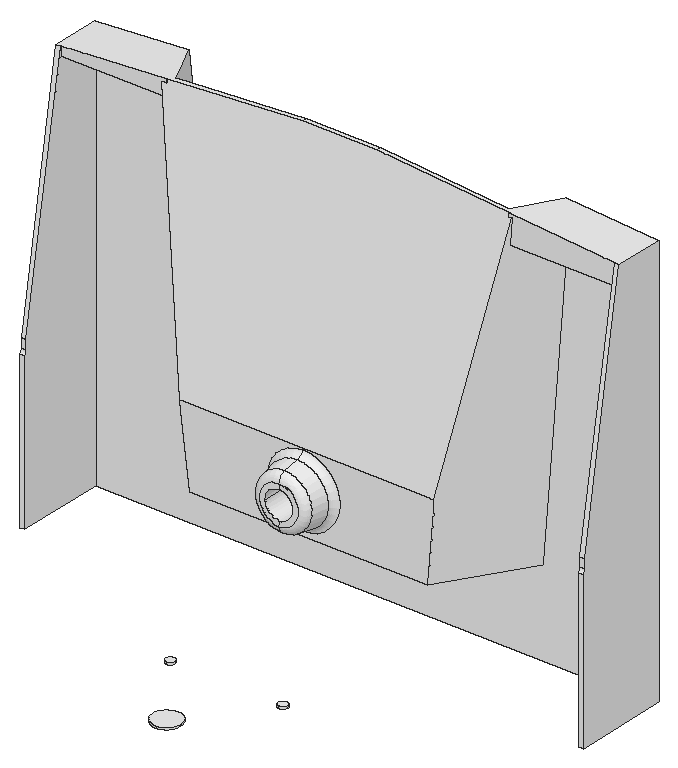
Revit family "Plumbing-Sink-Sloan-Valve-ELA-81000", category Plumbing Fixtures, host Face, Revit 2019
Family settings
  Host = Face
  Round Connector Dimension = Use Diameter
  Part Type = Normal
  OmniClass Number = 23.45.05.14.14
  OmniClass Title = Sinks/Lavatories
  Cut with Voids When Loaded = No
  Shared = No
  Room Calculation Point = No
Parameters (values of type "ELA-81000")
  Width = 30.00"  # constant formula
  Water Flow = 0.0 GPM
  Waste Connection = yes
  WFU = 2
  Vent Connection = no
  Valve Pressure Drop = 0.0 Pa
  URL = "www.sloanvalve.com"
  Sanitary Drain Connection Diameter = 1.50"
  Product data url = "https://bimobject.com/sloan_valve/product/sinks_sloanstone_ela-81000"
  Product Material = Sloan - SloanStone - White (WH)
  Product Guid = ""
  Part Number = ""
  Model = "ELA-81000"
  Manufacturer = "Sloan Valve"  # constant formula
  Keynote = "10000"
  Hot Water Connection Diameter = 0.50"
  Height = 5.00"  # constant formula
  HWFU = 1.5
  HW Connection = yes
  z_Elevation [instance] = 34.00"  # constant formula
  Edition number = 1
  Description = "SloanStone® 1-Station Wall-Mounted Arrowhead Sink."
  Depth = 23.00"  # constant formula
  Default Elevation = 0.00"  # constant formula
  Cold Water Connection Diameter = 0.50"
  CWFU = 1.5
  CW Connection = yes
  Assembly Code = "D2010400"
  ADA Compliant = 1 = 1  # yes
Reference planes (in)
  plane 1 "Center (Front/Back)": y = 0
  plane 2: z = 0
  plane 3 "Center (Left/Right)": x = 0
  plane 4: y = -14
  plane 5: y = -34
  plane 6: z = 2.125
  plane 7: x = -15
  plane 8: x = 15
  plane 9: z = 23
Forms (in)
  Extrusion 1, solid, not visible
    sketch origin (0, 0, 0) x (1, 0, 0) y (0, 1, 0)
      loop
        circle (0, -14) r 0.75
      loop
        circle (3, -10) r 0.25
      loop
        circle (-3, -10) r 0.25
    from 0 to 0.50971
Dimensions and locks (in)
  plane 4 to plane 1 "Center (Front/Back)" = 14.00"
  "z_Elevation": plane 5 to plane 1 "Center (Front/Back)"
  aligned and locked: plane 2 to host face
  aligned and locked: level to host face
  aligned and locked: plane 3 "Center (Left/Right)" to nested 1
  aligned and locked: plane 1 "Center (Front/Back)" to nested 1
Automatic sketch dimensions
  host sketch curve to host sketch curve = 96.00"  (x2)
  Extrusion 1 sketch curve to plane 3 "Center (Left/Right)" = 0.00"
  Extrusion 1 sketch curve to plane 4 = 0.00"
  Extrusion 1 sketch curve to plane 3 "Center (Left/Right)" = 3.00"
  plane 3 "Center (Left/Right)" to Extrusion 1 sketch curve = 3.00"
  plane 4 to Extrusion 1 sketch curve = 4.00"  (x2)
  radius of Extrusion 1 sketch curve = 0.75"
  radius of Extrusion 1 sketch curve = 0.25"  (x2)
Nested families (in)
  nested 1: "Geometry" at (0, 0, 0), type "Geometry"
Connectors (in)
  piping at (0, -14, 0), diameter 1.5, driven by "WFU", driven by "Sanitary Drain Connection Diameter"
    settings: on Extrusion 1, index 2, connector inside diameter 24.00", connector length 0.00", flow factor 0, pipe flow 0.0 GPM, pressure drop 0.0 Pa, fitting loss kfactor 0, connector angle 0.00°, fixture units 2, engagement length 0.00", angle of deflection 0.00°, flow configuration 3, flow direction 2, fitting loss method 0, system type 16, joint type 0, gender type 0, connector reference index -1, connector utility 0, adjustable connector no, is connector primary yes, connector description "Sanitary Drain Connection"
  piping at (3, -10, 0), diameter 0.5, driven by "Cold Water Connection Diameter", driven by "Valve Pressure Drop"
    settings: on Extrusion 1, index 3, connector inside diameter 24.00", connector length 0.00", flow factor 0, pipe flow 0.0 GPM, pressure drop 0.0 Pa, fitting loss kfactor 0, connector angle 0.00°, fixture units 1.5, engagement length 0.00", angle of deflection 0.00°, flow configuration 3, flow direction 1, fitting loss method 0, system type 20, joint type 0, gender type 0, connector reference index -1, connector utility 0, adjustable connector no, is connector primary no, connector description "Cold Water Connection"
  piping at (-3, -10, 0), diameter 0.5, driven by "Valve Pressure Drop", driven by "Hot Water Connection Diameter"
    settings: on Extrusion 1, index 4, connector inside diameter 24.00", connector length 0.00", flow factor 0, pipe flow 0.0 GPM, pressure drop 0.0 Pa, fitting loss kfactor 0, connector angle 0.00°, fixture units 1.5, engagement length 0.00", angle of deflection 0.00°, flow configuration 3, flow direction 1, fitting loss method 0, system type 19, joint type 0, gender type 0, connector reference index -1, connector utility 0, adjustable connector no, is connector primary no, connector description "Hot Water Connection"
Definition of nested family "Geometry"
  Parameters (values of type "Geometry")
    URL = ""
    Type Comments = ""
    Model = ""
    Manufacturer = ""
    Product Material = none
    Description = ""
    Default Elevation = 34.00"
    Assembly Code = ""
  Reference planes (in)
    plane 1 "Center (Front/Back)": y = 0
    plane 2: z = 0
    plane 3 "Center (Left/Right)": x = 0
    plane 4: x = -15
    plane 5: x = 15
    plane 6: z = 23
    plane 7: z = 22
    plane 8: y = -6.5
    plane 9: y = -5
    plane 10: x = -10
    plane 11: x = 10
    plane 12: z = 2.125
    plane 13: z = 5
    plane 14: through (-14.06784, 6.35452, 48) normal (-0.8887, -0.4585, 0)
    plane 15: through (-9.48747, 1.83808, 48) normal (-0.8887, -0.4585, 0)
    plane 16: through (12.07649, 2.72808, 48) normal (-0.8887, 0.4584, 0)
    plane 17: through (11.4959, 5.96547, 48) normal (-0.8887, 0.4584, 0)
    plane 18: x = 0
    plane 19: x = 0
    plane 20: through (-16.08159, 10.25809, 48) normal (0.8887, 0.4585, 0)
    plane 21: through (-60.72613, -10.62429, 48) normal (0.8887, 0.4585, 0)
    plane 22: through (-14.45737, 11.472, 48) normal (0.8887, 0.4585, 0)
    plane 23: through (16.7726, 11.83303, 48) normal (0.8887, -0.4584, 0)
    plane 24: through (23.21592, 28.68857, 48) normal (0.8887, -0.4584, 0)
    plane 25: through (70.1881, 6.18225, 48) normal (0.8887, -0.4584, 0)
    plane 26: through (-20.2334, 11.76259, 48) normal (0.8887, 0.4585, 0)
    plane 27: through (-20.2334, 11.76259, 48) normal (0.8887, 0.4585, 0)
    plane 28: through (28.89915, 28.79974, 48) normal (0.8887, -0.4584, 0)
    plane 29: z = 7
    plane 30: x = 0
    plane 31: x = 0
    plane 32: x = 0
    plane 33: x = 0
    plane 34: y = -15
    plane 35: y = -13
    plane 36: z = 0.03125
    plane 37: x = 47
    plane 38: x = 43
    plane 39: x = 17
    plane 40: x = 13
    plane 41: x = -13
    plane 42: x = -17
    plane 43: x = -43
    plane 44: x = -47
    plane 45: x = -2
    plane 46: x = 2
    plane 47: x = 45.01004
    plane 48: x = -45
    plane 49: x = -15
    plane 50: x = 15
    plane 51: x = 0
    plane 52: x = 52.12967
    plane 53: x = -52.1818
    plane 54: x = 20.5
    plane 55: x = -20.5
    plane 56: x = -30
    plane 57: x = 30
    plane 58: y = -34
  Forms (in)
    Extrusion 1, solid
      sketch origin (0, 0, 0) x (1, 0, 0) y (0, 1, 0)
        loop
          line (-82, 48) -> (-82, -48) -> (80.23655, -48) -> (80.23655, 48) -> (-82, 48)
      from 0 to -12
    Sweep 2, solid, material <- "Product Material"
      path origin (-107.81743, 24.09789, 0) x (1, 0, 0) y (0, 1, 0)
        loop
          line (122.81743, -29.09789) -> (122.81743, -24.09789) -> (92.81743, -24.09789) -> (92.81743, -29.09789)
      profile origin (-15, -2.5, 0) x (1, 0, 0) y (0, 0, 1)
        loop
          line (0, 0) -> (0.25, 0) -> (0.25, 23) -> (0, 23) -> (0, 0)
    Extrusion 3, solid, material <- "Product Material"
      sketch origin (20.13409, 45.78834, -27.3788) x (0, 1, 0) y (0, 0, 1)
        loop
          line (-45.78834, 31.93547) -> (-45.78834, 32.3788) -> (-50.4495, 32.3788) -> (-50.4495, 36.3788) -> (-48.00422, 50.24668) -> (-48.25422, 50.24668) -> (-50.6995, 36.3788) -> (-50.6995, 32.18899) -> (-45.78834, 31.93547)
      from -30.13409 to -10.13409
    Blend 4, solid, material <- "Product Material"
      base sketch origin (20.65328, 0, 0) x (-1, 0, 0) y (0, -1, 0)
        loop
          line (28.62728, 0) -> (29.19253, 0) -> (26.65899, 4.91115) -> (26.09374, 4.91115) -> (28.62728, 0)
      top sketch origin (20.65328, 0, 0) x (-1, 0, 0) y (0, -1, 0)
        loop
          line (30.75642, 0) -> (31.44298, 0) -> (28.90944, 4.91115) -> (28.21279, 4.91115) -> (30.75642, 0)
      from 4.55667 to 23
    Blend 5, void
      base sketch origin (20.08943, 0, 0) x (-1, 0, 0) y (0, -1, 0)
        loop
          line (28.62869, 0) -> (34.2548, 0) -> (31.72126, 4.91115) -> (26.09514, 4.91115) -> (28.62869, 0)
      top sketch origin (20.08943, 0, 0) x (-1, 0, 0) y (0, -1, 0)
        loop
          line (30.87913, 0) -> (34.2548, 0) -> (31.72126, 4.91115) -> (28.34559, 4.91115) -> (30.87913, 0)
      from 4.55667 to 23
    Blend 6, solid, material <- "Product Material"
      base sketch origin (-47.52828, 0, 0) x (1, 0, 0) y (0, 1, 0)
        loop
          line (55.94734, 0) -> (53.41429, -4.91115) -> (54.14941, -4.91115) -> (56.68246, 0) -> (55.94734, 0)
      top sketch origin (-47.52828, 0, 0) x (1, 0, 0) y (0, 1, 0)
        loop
          line (57.63461, 0) -> (55.10156, -4.91115) -> (55.66465, -4.91115) -> (58.1977, 0) -> (57.63461, 0)
      from 4.55667 to 23
    Blend 7, void
      base sketch origin (-20.08943, 0, 0) x (1, 0, 0) y (0, 1, 0)
        loop
          line (28.5085, 0) -> (25.97544, -4.91115) -> (31.60133, -4.91115) -> (34.13438, 0) -> (28.5085, 0)
      top sketch origin (-20.08943, 0, 0) x (1, 0, 0) y (0, 1, 0)
        loop
          line (30.75885, 0) -> (28.2258, -4.91115) -> (31.60133, -4.91115) -> (34.13438, 0) -> (30.75885, 0)
      from 4.55667 to 23
    Extrusion 8, void
      sketch origin (0, 0, 0) x (0, 1, 0) y (0, 0, 1)
        loop
          line (-2.25626, 24.05667) -> (-5.41115, 24.05667) -> (-5.41115, 8.17817) -> (-5.2433, 8.17817)
          arc (-5.2433, 8.17817) -> (-5.00844, 8.27546) -> (-4.91115, 8.51032) r 0.33214
          line (-4.91115, 8.51032) -> (-4.91115, 9) -> (-2.25626, 24.05667)
      from -15 to 15
    Extrusion 9, void
      sketch origin (0, 0, 0) x (0, 1, 0) y (0, 0, 1)
        loop
          line (-0.25, 2.39952) -> (-0.25, 4.56958) -> (-5, 4.81478) -> (-5, 2.39952) -> (-0.25, 2.39952)
      from -10 to 10
    Extrusion 10, void
      sketch origin (0, 0, 0) x (1, 0, 0) y (0, 0, 1)
        loop
          line (15, 22) -> (15, 24) -> (-15, 24) -> (-15, 22) -> (0, 23) -> (15, 22)
      from 0 to 5
    Extrusion 11, solid, material <- "Product Material"
      sketch origin (0, 0, 0) x (1, 0, 0) y (0, 1, 0)
        loop
          line (-14.75, -0.25) -> (-14.75, -2.58158) -> (-9.13446, -2.58158) -> (-10.33456, -0.25) -> (-14.75, -0.25)
      from 21.54991 to 22.86788
    Extrusion 12, solid, material <- "Product Material"
      sketch origin (0, 0, 0) x (1, 0, 0) y (0, 1, 0)
        loop
          line (10.43663, 0) -> (9.10791, -2.58145) -> (15, -2.58145) -> (15, 0) -> (10.43663, 0)
      from 20.91146 to 22.86788
    Extrusion 13, void
      sketch origin (0, 0, 0) x (1, 0, 0) y (0, 0, 1)
        loop
          line (8.53321, 5) -> (10.36016, 23) -> (-10.2732, 23) -> (-8.14159, 5) -> (8.53321, 5)
      from 0 to 0.25
    Revolve 14, solid, material <- "Product Material", not visible
      sketch origin (0, 0.08885, -12) x (0, 0, -1) y (0, 1, 0)
        loop
          line (-19, -6.58885) -> (-19, -5) -> (-20.94175, -5)
          arc (-20.94175, -5) -> (-20.72777, -5.14237) -> (-20.61731, -5.37444) r 0.48228
          line (-20.61731, -5.37444) -> (-20.46879, -6.21673)
          arc (-20.46879, -6.21673) -> (-20.31478, -6.48349) -> (-20.02532, -6.58885) r 0.45031
          line (-20.02532, -6.58885) -> (-19, -6.58885)
        axis (-19, -5) -> (-19, -6.58885)
      angle from 0 to 360
    Revolve 15, solid, material <- "Product Material"
      sketch origin (0, 0.08885, -12) x (0, 0, -1) y (0, 1, 0)
        loop
          line (-19, -6.58885) -> (-19, -5) -> (-20.94175, -5)
          arc (-20.94175, -5) -> (-20.72777, -5.14237) -> (-20.61731, -5.37444) r 0.48228
          line (-20.61731, -5.37444) -> (-20.46879, -6.21673)
          arc (-20.46879, -6.21673) -> (-20.31478, -6.48349) -> (-20.02532, -6.58885) r 0.45031
          line (-20.02532, -6.58885) -> (-19, -6.58885)
        axis (-19, -5) -> (-19, -6.58885)
      angle from 0 to 360
    Extrusion 16, void
      sketch origin (0.06417, -0.91761, 0) x (1, 0, 0) y (0, 0, 1)
        loop
          circle (-0.06417, 7) r 0.75
      from 5.63372 to 3.74354
    Extrusion 17, void
      sketch origin (-53.24219, -1.75, 0) x (1, 0, 0) y (0, 0, 1)
        loop
          circle (53.24219, 7) r 0.75
      from 2.91115 to 4.75
    Extrusion 18, solid, material <- "Product Material"
      sketch origin (0, 0, 0) x (1, 0, 0) y (0, 1, 0)
        loop
          circle (0, -14) r 0.75
        loop
          circle (-3, -10) r 0.25
        loop
          circle (3, -10) r 0.25
      from 0 to 0.08255
  Cuts and joins
    Extrusion 8, Extrusion 9, Extrusion 10, Extrusion 13, Extrusion 17 cuts Sweep 2
    Blend 5, Blend 7, Extrusion 8, Extrusion 9, Extrusion 10, Extrusion 13, Extrusion 16, Extrusion 17 cuts Extrusion 3
    Blend 7, Extrusion 8, Extrusion 9, Extrusion 10, Extrusion 17 cuts Blend 4
    Extrusion 8, Extrusion 9, Extrusion 10, Extrusion 17 cuts Blend 6
    Extrusion 10, Extrusion 13, Extrusion 17 cuts Extrusion 11
    Extrusion 10, Extrusion 13, Extrusion 17 cuts Extrusion 12
    joined: Sweep 2, Extrusion 3, Blend 4, Blend 6, Extrusion 11, Extrusion 12
    Extrusion 16 cuts Revolve 15
    Extrusion 17 cuts Revolve 14
  Lines and regions (in)
    Masking region 1
      outline origin (0, 0, 0) x (1, 0, 0) y (0, 0, 1)
        loop
          line (15, 0) -> (15, 22) -> (1.98177, 22.86788) -> (-1.98177, 22.86788) -> (-15, 22) -> (-15, 0) -> (15, 0)
    symbolic lines, detail levels medium+fine
      curve 1: line (8.45962, 0, 5) -> (-8.02518, 0, 5)
      curve 2: line (-6.08116, 0, 9) -> (6.42145, 0, 9)
      curve 3: line (-6.08116, 0, 9) -> (-5.62048, 0, 5)
      curve 4: line (6.42145, 0, 9) -> (6.05551, 0, 5)
      curve 7: line (8.45962, 0, 5) -> (10.04507, 0, 22.33033)
      curve 8: line (8.86761, 0, 22.40883) -> (6.42145, 0, 9)
      curve 9: line (-8.02518, 0, 5) -> (-10.02598, 0, 22.3316)
      curve 10: line (-8.90115, 0, 22.40659) -> (-6.08007, 0, 9)
    symbolic lines, detail levels fine
      curve 5: circle (0, 0, 2.125) r 0.5625 normal (0, -1, 0)
      curve 6: circle (0, 0, 7) r 0.75 normal (0, -1, 0)
  Dimensions and locks (in)
    locked: Sweep 2 sketch curve to Sweep 2 sketch curve at 23
    equal spacing: plane 4, plane 3 "Center (Left/Right)", plane 5
    plane 4 to plane 5 = 30.00"
    locked: plane 4 to plane 10 at 5
    locked: plane 11 to plane 5 at 5
    locked: Sweep 2 to Extrusion 3 at 4.91115
    locked: Sweep 2 sketch curve to Sweep 2 sketch curve at 0.25
    plane 9 to plane 1 "Center (Front/Back)" = 5.00"
    plane 8 to plane 1 "Center (Front/Back)" = 6.50"
    Extrusion 10 sketch curve to Extrusion 10 sketch curve = 2.00"  (x2)
    plane 20 to plane 21 = 49.25"
    locked: Blend 4 sketch curve to Blend 4 sketch curve at 0.68656
    locked: Blend 4 sketch curve to Blend 4 sketch curve at 0.50235
    locked: plane 22 to plane 20 at 2
    locked: Blend 6 sketch curve to Blend 6 sketch curve at 0.56308
    locked: plane 23 to plane 24 at 2
    plane 25 to plane 23 = 50.06325"
    locked: Blend 6 sketch curve to Blend 6 sketch curve at 0.65333
    locked: plane 20 to plane 26 at 3
    locked: plane 20 to plane 27 at 3
    locked: plane 28 to plane 23 at 3
    locked: plane 34 to plane 9 at 10
    locked: plane 35 to plane 9 at 8
    locked: plane 36 to Extrusion 1 at 0.03125
    plane 18 to plane 3 "Center (Left/Right)" = 0.00"  (x2)
    plane 30 to plane 3 "Center (Left/Right)" = 0.00"
    plane 3 "Center (Left/Right)" to plane 19 = 0.00"  (x2)
    plane 3 "Center (Left/Right)" to plane 31 = 0.00"
    plane 32 to plane 3 "Center (Left/Right)" = 0.00"
    plane 3 "Center (Left/Right)" to plane 33 = 0.00"
    locked: Extrusion 1 to plane 6 at 23
    locked: plane 8 to plane 1 "Center (Front/Back)" at 6.5
    locked: plane 37 to plane 47 at 1.98996
    locked: plane 44 to plane 48 at 2
    locked: plane 42 to plane 49 at 2
    locked: plane 50 to plane 39 at 2
    locked: plane 51 to plane 46 at 2
    plane 54 to plane 52 = 31.62967"
    plane 55 to plane 53 = 31.6818"
    locked: plane 53 to plane 56 at 22.1818
    locked: plane 57 to plane 52 at 22.12967
    plane 58 to Extrusion 18 sketch curve = 20.00"
    plane 58 to Extrusion 18 sketch curve = 24.00"  (x2)
    Extrusion 18 sketch curve to plane 51 = 3.00"
    plane 51 to Extrusion 18 sketch curve = 3.00"
    angle Extrusion 3 sketch curve to Extrusion 3 sketch curve = 10.00°
    aligned and locked: Extrusion 1 to plane 2
    aligned and locked: Extrusion 1 to level
    aligned and locked: Sweep 2 sketch curve to plane 4
    aligned and locked: Sweep 2 sketch curve to plane 1 "Center (Front/Back)"
    aligned and locked: Sweep 2 sketch curve to plane 5
    aligned and locked: plane 11 to Extrusion 3
    aligned and locked: Extrusion 3 to plane 10
    aligned and locked: plane 14 to Blend 4 sketch curve
    aligned and locked: Blend 4 sketch curve to plane 15
    aligned and locked: Sweep 2 to Blend 5
    aligned and locked: Sweep 2 to Blend 4
    aligned and locked: Blend 5 to Extrusion 3
    aligned and locked: Extrusion 3 to Blend 4
    aligned and locked: plane 16 to Blend 6 sketch curve
    aligned and locked: plane 17 to Blend 6 sketch curve
    aligned and locked: Sweep 2 to Blend 6
    aligned and locked: Extrusion 8 to plane 4
    aligned and locked: plane 5 to Extrusion 8
    aligned and locked: Extrusion 9 sketch curve to cut or joined group 1 (Sweep 2, Extrusion 3, Blend 4, Blend 5, Blend 6, Blend 7, Extrusion 8, Extrusion 9, Extrusion 10, Extrusion 11, Extrusion 12, Extrusion 13, Extrusion 16, Extrusion 17)  (x2)
    aligned and locked: plane 9 to Extrusion 9 sketch curve
    aligned and locked: Extrusion 3 to Extrusion 9
    aligned and locked: Extrusion 9 to Extrusion 3
    aligned and locked: Extrusion 10 sketch curve to plane 5
    aligned and locked: plane 4 to Extrusion 10 sketch curve
    aligned and locked: plane 3 "Center (Left/Right)" to Extrusion 10 sketch curve
    aligned and locked: Extrusion 10 to Sweep 2  (x2)
    aligned and locked: cut or joined group 1 to Extrusion 11
    aligned and locked: Extrusion 12 to cut or joined group 1
    aligned and locked: cut or joined group 1 to Extrusion 12
    aligned and locked: Extrusion 12 to plane 1 "Center (Front/Back)"
    aligned and locked: plane 6 to Extrusion 13 sketch curve
    aligned and locked: Sweep 2 to Extrusion 13
    aligned and locked: plane 20 to plane 14
    aligned and locked: plane 22 to plane 15
    aligned and locked: plane 16 to plane 23
    aligned and locked: plane 17 to plane 24
    aligned and locked: plane 20 to Blend 5 sketch curve
    aligned and locked: Blend 5 sketch curve to plane 26
    aligned and locked: Blend 5 sketch curve to plane 22
    aligned and locked: Blend 5 sketch curve to plane 27
    aligned and locked: Blend 7 sketch curve to plane 23
    aligned and locked: Blend 7 sketch curve to plane 24
    aligned and locked: Blend 7 sketch curve to var sketch
    aligned and locked: Extrusion 3 to Extrusion 17
    aligned and locked: cut or joined group of Revolve 14, Extrusion 17 to Extrusion 17
    aligned and locked: cut or joined group 1 to Extrusion 16
    aligned and locked: plane 32 to Extrusion 16 sketch curve
    aligned and locked: plane 29 to Extrusion 16 sketch curve
    aligned and locked: plane 33 to Extrusion 17 sketch curve
    aligned and locked: plane 29 to Extrusion 17 sketch curve
    aligned and locked: curve 1 to cut or joined group 1
    aligned and locked: curve 2 to cut or joined group 1
    aligned and locked: curve 3 to cut or joined group 1
    aligned and locked: curve 4 to cut or joined group 1
    aligned and locked: Masking region 1 sketch curve to cut or joined group 1  (x5)
    aligned and locked: Extrusion 1 to Masking region 1 sketch curve
    aligned and locked: curve 7 to cut or joined group 1
    aligned and locked: cut or joined group 1 to curve 8
    aligned and locked: curve 9 to cut or joined group 1
    aligned and locked: plane 51 to Extrusion 18 sketch curve
  Automatic sketch dimensions
    Extrusion 1 sketch curve to Extrusion 1 sketch curve = 162.23655"
    Extrusion 1 sketch curve to Extrusion 1 sketch curve = 96.00"
    plane 9 to Sweep 2 sketch curve = 0.00"  (x2)
    profile plane to Sweep 2 sketch curve = 0.00"
    Sweep 2 sketch curve to profile plane = 0.00"
    Extrusion 3 sketch curve to plane 13 = 0.00"
    Extrusion 3 sketch curve to plane 1 "Center (Front/Back)" = 0.00"
    Extrusion 3 sketch curve to plane 6 = 0.13212"
    plane 1 "Center (Front/Back)" to Extrusion 3 sketch curve = 2.21587"
    Extrusion 3 sketch curve to Extrusion 3 sketch curve = 0.25"
    plane 1 "Center (Front/Back)" to Extrusion 3 sketch curve = 4.66115"
    Extrusion 3 sketch curve to plane 9 = 0.08885"
    Extrusion 3 sketch curve to plane 13 = 0.1898"
    Extrusion 3 sketch curve to plane 13 = 0.44333"
    Extrusion 3 sketch curve to Extrusion 3 sketch curve = 0.00"
    plane 1 "Center (Front/Back)" to Blend 4 sketch curve = 0.00"  (x2)
    plane 9 to Blend 4 sketch curve = 0.08885"  (x2)
    Blend 4 sketch curve to Blend 4 sketch curve = 0.69665"
    plane 1 "Center (Front/Back)" to Blend 5 sketch curve = 0.00"  (x2)
    plane 9 to Blend 5 sketch curve = 0.08885"  (x2)
    plane 1 "Center (Front/Back)" to Blend 6 sketch curve = 0.00"  (x2)
    Blend 6 sketch curve to plane 9 = 0.08885"  (x2)
    Blend 6 sketch curve to Blend 6 sketch curve = 0.56308"
    plane 1 "Center (Front/Back)" to Blend 7 sketch curve = 0.00"  (x2)
    Blend 7 sketch curve to plane 9 = 0.08885"  (x2)
    plane 28 to Blend 7 sketch curve = 0.00"  (x2)
    plane 9 to Extrusion 8 sketch curve = 0.41115"
    Extrusion 8 sketch curve to Extrusion 8 sketch curve = 0.16786"
    Extrusion 8 sketch curve to plane 9 = 0.08885"
    plane 6 to Extrusion 8 sketch curve = 1.05667"
    plane 1 "Center (Front/Back)" to Extrusion 8 sketch curve = 2.25626"
    plane 29 to Extrusion 8 sketch curve = 2.00"
    Extrusion 8 sketch curve to Extrusion 8 sketch curve = 0.48968"
    plane 12 to Extrusion 9 sketch curve = 0.27452"
    Extrusion 10 sketch curve to plane 7 = 0.00"
    Extrusion 10 sketch curve to plane 6 = 0.00"
    plane 4 to Extrusion 11 sketch curve = 0.25"
    Extrusion 11 sketch curve to plane 10 = 0.33456"
    plane 10 to Extrusion 11 sketch curve = 0.86554"
    Extrusion 11 sketch curve to plane 9 = 2.41842"
    plane 1 "Center (Front/Back)" to Extrusion 11 sketch curve = 0.25"
    plane 1 "Center (Front/Back)" to Extrusion 12 sketch curve = 0.00"
    Extrusion 12 sketch curve to plane 5 = 0.00"
    plane 11 to Extrusion 12 sketch curve = 0.43663"
    Extrusion 12 sketch curve to plane 11 = 0.89209"
    Extrusion 12 sketch curve to plane 9 = 2.41855"
    Extrusion 13 sketch curve to plane 13 = 0.00"
    Extrusion 13 sketch curve to plane 10 = 0.2732"
    plane 10 to Extrusion 13 sketch curve = 1.85841"
    Extrusion 13 sketch curve to plane 11 = 1.46679"
    plane 11 to Extrusion 13 sketch curve = 0.36016"
    Revolve 14 sketch curve to plane 8 = 0.00"
    Revolve 14 sketch curve to plane 29 = 0.00"  (x2)
    Revolve 14 sketch curve to plane 8 = 0.45031"
    plane 29 to Revolve 14 sketch curve = 1.02532"
    Revolve 14 sketch curve to plane 8 = 0.37212"
    plane 9 to Revolve 14 sketch curve = 0.2856"
    Revolve 14 sketch curve to Revolve 14 sketch curve = 0.14852"
    Revolve 14 sketch curve to plane 9 = 0.08885"
    Revolve 14 sketch curve to Revolve 14 sketch curve = 0.32444"
    plane 9 to Revolve 14 sketch curve = 0.36934"
    plane 8 to Revolve 14 sketch curve = 0.07948"
    Revolve 14 sketch curve to Revolve 14 sketch curve = 0.15231"
    Revolve 15 sketch curve to plane 8 = 0.00"
    Revolve 15 sketch curve to plane 29 = 0.00"  (x2)
    Revolve 15 sketch curve to plane 8 = 0.45031"
    plane 29 to Revolve 15 sketch curve = 1.02532"
    Revolve 15 sketch curve to plane 8 = 0.37212"
    plane 9 to Revolve 15 sketch curve = 0.2856"
    Revolve 15 sketch curve to Revolve 15 sketch curve = 0.14852"
    Revolve 15 sketch curve to plane 9 = 0.08885"
    Revolve 15 sketch curve to Revolve 15 sketch curve = 0.32444"
    plane 9 to Revolve 15 sketch curve = 0.36934"
    plane 8 to Revolve 15 sketch curve = 0.07948"
    Revolve 15 sketch curve to Revolve 15 sketch curve = 0.15231"
    curve 6 to plane 3 "Center (Left/Right)" = 0.00"
    curve 6 to plane 29 = 0.00"
    curve 9 to plane 10 = 0.02598"
    curve 10 to plane 7 = 0.40659"
    plane 10 to curve 10 = 1.09885"
    curve 2 to curve 10 = 0.00109"
    curve 8 to plane 7 = 0.40883"
    plane 11 to curve 7 = 0.04507"
    curve 10 to curve 2 = 0.00"
    curve 5 to plane 3 "Center (Left/Right)" = 0.00"
    curve 5 to plane 12 = 0.00"
    radius of Extrusion 16 sketch curve = 0.75"
    radius of Extrusion 17 sketch curve = 0.75"
    radius of curve 5 = 0.5625"
    radius of curve 6 = 0.75"
    radius of Extrusion 18 sketch curve = 0.75"
    radius of Extrusion 18 sketch curve = 0.25"  (x2)
